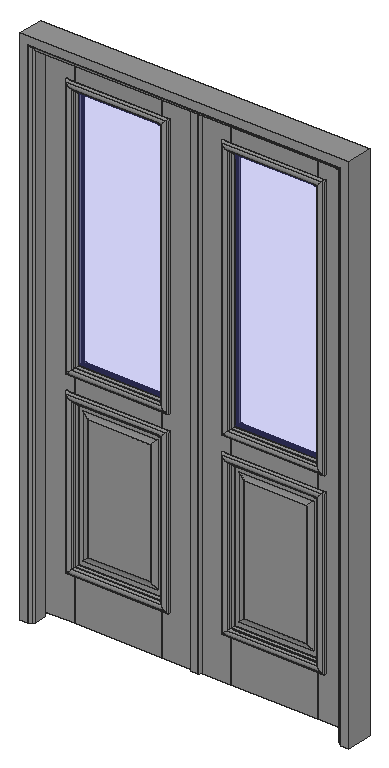
Revit family "I2P 610 GT 2HB", category Doors, host Wall, Revit 2013
Parameters (values of type "I2P 610 GT 2HB")
  Function = Interior
  Frame Projection Ext. = 25 mm
  Frame Projection Int. = 25 mm
  Frame Width = 75 mm
  Height = 2090 mm
  Wall Closure = By host
  Width = 1306 mm
Reference planes
  plane 1: y = 0
  plane 2 "Center (Left/Right)": x = 0
  plane 3 "Left": x = -653
  plane 4 "Right": x = 653
  plane 5: z = 2090
  plane 6 "Exterior": y = 75
  plane 7 "Interior": y = -75
  plane 8: z = 1947
  plane 9: z = 1681.667
Forms (mm)
  Sweep 1, solid, material "Lauan, Meranti"
    path origin (0, 75, 0) x (1, 0, 0) y (0, 0, 1)
      loop
        line (653, 0) -> (653, 2090) -> (-653, 2090) -> (-653, 0)
    profile "Van Acht 105x50 Door Frame Routed Profile (Heavy) : Van Acht 105x50 Door Frame Routed Profile (Heavy)" origin (653, 75, 1045) x (-1, 0, 0) y (0, -1, 0)
      loop
        line (0, 22.5) -> (38, 22.5) -> (38, 67.5) -> (50, 67.5) -> (50, 112.5)
        arc (50, 112.5) -> (44.957, 114.29) -> (42.17, 118.859) r 8
        line (42.17, 118.859) -> (39, 118.859)
        arc (39, 118.859) -> (35.311, 122.973) -> (30, 124.5) r 10
        line (30, 124.5) -> (30, 127.5) -> (0, 127.5) -> (0, 22.5)
  Extrusion 2, solid, material "Lauan, Meranti"
    sketch origin (0, 0, 0) x (1, 0, 0) y (0, 1, 0)
      loop
        line (-12, -2.5) -> (12, -2.5) -> (12, -0.5)
        arc (12, -0.5) -> (17.657, 1.843) -> (20, 7.5) r 8
        line (20, 7.5) -> (5, 7.5) -> (5, 39.5)
        spline (5, 39.5) -> (4.83, 42.088) -> (4.33, 44.5) -> (3.536, 46.571) -> (2.5, 48.16) -> (1.294, 49.159) -> (0, 49.5) -> (-1.294, 49.159) -> (-2.5, 48.16) -> (-3.536, 46.571) -> (-4.33, 44.5) -> (-4.83, 42.088) -> (-5, 39.5)
        line (-5, 39.5) -> (-5, 7.5) -> (-20, 7.5)
        arc (-20, 7.5) -> (-17.657, 1.843) -> (-12, -0.5) r 8
        line (-12, -0.5) -> (-12, -2.5)
    from 20 to 2040
  Extrusion 3, solid, material "Lauan, Meranti"
    sketch origin (0, 0, 1802) x (1, 0, 0) y (0, 1, 0)
      loop
        spline (5, 39.5) -> (4.83, 42.088) -> (4.33, 44.5) -> (3.536, 46.571) -> (2.5, 48.16) -> (1.294, 49.159) -> (0, 49.5) -> (-1.294, 49.159) -> (-2.5, 48.16) -> (-3.536, 46.571) -> (-4.33, 44.5) -> (-4.83, 42.088) -> (-5, 39.5)
        line (-5, 39.5) -> (-5, 7.5) -> (5, 7.5) -> (5, 39.5)
    from 238 to 250
  Extrusion 4, solid, material "Lauan, Meranti"
    sketch origin (208.5, 140, 0) x (0, -1, 0) y (0, 0, -1)
      loop
        line (132.5, -20) -> (92.5, -20) -> (92.5, -221) -> (94.5, -221)
        arc (94.5, -221) -> (96.134, -225.67) -> (100.5, -228) r 6.807
        line (100.5, -228) -> (100.5, -230) -> (102.5, -230) -> (102.5, -215) -> (122.5, -215) -> (122.5, -230) -> (124.5, -230) -> (124.5, -228)
        arc (124.5, -228) -> (128.866, -225.67) -> (130.5, -221) r 6.807
        line (130.5, -221) -> (132.5, -221) -> (132.5, -20)
      loop
        line (132.5, -809) -> (130.5, -809)
        arc (130.5, -809) -> (128.866, -804.33) -> (124.5, -802) r 6.807
        line (124.5, -802) -> (124.5, -800) -> (122.5, -800) -> (122.5, -815) -> (102.5, -815) -> (102.5, -800) -> (100.5, -800) -> (100.5, -802)
        arc (100.5, -802) -> (96.134, -804.33) -> (94.5, -809) r 6.807
        line (94.5, -809) -> (92.5, -809) -> (92.5, -931) -> (122.5, -931) -> (122.5, -940) -> (124.5, -940) -> (124.5, -938)
        arc (124.5, -938) -> (128.866, -935.67) -> (130.5, -931) r 6.807
        line (130.5, -931) -> (132.5, -931) -> (132.5, -809)
      loop
        arc (130.5, -1921) -> (128.866, -1916.33) -> (124.5, -1914) r 6.807
        line (124.5, -1914) -> (124.5, -1912) -> (122.5, -1912) -> (122.5, -1921) -> (92.5, -1921) -> (92.5, -2052) -> (132.5, -2052) -> (132.5, -1921) -> (130.5, -1921)
    from -72.5 to 275.5
  Extrusion 5, solid, material "Lauan, Meranti"
    sketch origin (208.5, 55, 0) x (1, 0, 0) y (0, 1, 0)
      loop
        line (-203.5, -47.5) -> (-72.5, -47.5) -> (-72.5, -45.5)
        arc (-72.5, -45.5) -> (-67.765, -43.94) -> (-65.5, -39.5) r 6.549
        line (-65.5, -39.5) -> (-63.5, -39.5) -> (-63.5, -37.5) -> (-78.5, -37.5) -> (-78.5, -17.5) -> (-63.5, -17.5) -> (-63.5, -15.5) -> (-65.5, -15.5)
        arc (-65.5, -15.5) -> (-67.765, -11.06) -> (-72.5, -9.5) r 6.549
        line (-72.5, -9.5) -> (-72.5, -7.5) -> (-203.5, -7.5) -> (-203.5, -47.5)
      loop
        line (406.5, -47.5) -> (406.5, -7.5) -> (275.5, -7.5) -> (275.5, -9.5)
        arc (275.5, -9.5) -> (270.765, -11.06) -> (268.5, -15.5) r 6.549
        line (268.5, -15.5) -> (266.5, -15.5) -> (266.5, -17.5) -> (281.5, -17.5) -> (281.5, -37.5) -> (266.5, -37.5) -> (266.5, -39.5) -> (268.5, -39.5)
        arc (268.5, -39.5) -> (270.765, -43.94) -> (275.5, -45.5) r 6.549
        line (275.5, -45.5) -> (275.5, -47.5) -> (406.5, -47.5)
    from 20 to 931
  Sweep 6, solid, material "Lauan, Meranti"
    path origin (208.5, -20, 0) x (1, 0, 0) y (0, 0, -1)
      loop
        line (275.5, -809) -> (275.5, -221) -> (-72.5, -221) -> (-72.5, -809) -> (275.5, -809)
    profile origin (310, -20, 809) x (0, 0, 1) y (0, 1, 0)
      loop
        line (4.5, 57.5) -> (-25.727, 57.5)
        arc (-25.727, 57.5) -> (-37.468, 59.153) -> (-48.5, 63.5) r 50.456
        line (-48.5, 63.5) -> (-48.5, 31.5)
        arc (-48.5, 31.5) -> (-37.468, 35.847) -> (-25.727, 37.5) r 50.456
        line (-25.727, 37.5) -> (4.5, 37.5) -> (4.5, 57.5)
  Extrusion 7, solid, material "Lauan, Meranti"
    sketch origin (208.5, -20, 0) x (1, 0, 0) y (0, 0, -1)
      loop
        line (227, -760.5) -> (227, -269.5) -> (-24, -269.5) -> (-24, -760.5) -> (227, -760.5)
    from 31.5 to 63.5
  Extrusion 8, solid, material "Lauan, Meranti"
    sketch origin (208.5, 55, 0) x (1, 0, 0) y (0, 1, 0)
      loop
        line (-203.5, -47.5) -> (-72.5, -47.5) -> (-72.5, -45.5)
        arc (-72.5, -45.5) -> (-67.765, -43.94) -> (-65.5, -39.5) r 6.549
        line (-65.5, -39.5) -> (-63.5, -39.5) -> (-63.5, -37.5) -> (-72.5, -37.5) -> (-72.5, -7.5) -> (-203.5, -7.5) -> (-203.5, -47.5)
      loop
        line (406.5, -47.5) -> (406.5, -7.5) -> (275.5, -7.5) -> (275.5, -37.5) -> (266.5, -37.5) -> (266.5, -39.5) -> (268.5, -39.5)
        arc (268.5, -39.5) -> (270.765, -43.94) -> (275.5, -45.5) r 6.549
        line (275.5, -45.5) -> (275.5, -47.5) -> (406.5, -47.5)
    from 931 to 2052
  Extrusion 9, solid, material "Glass"
    sketch origin (208.5, 130, 0) x (1, 0, 0) y (0, 0, -1)
      loop
        line (-72.5, -1921) -> (275.5, -1921) -> (275.5, -931) -> (-72.5, -931) -> (-72.5, -1921)
    from -112.5 to -106.1
  Sweep 10, solid, material "Lauan, Meranti"
    path origin (208.5, 130, 0) x (1, 0, 0) y (0, 0, -1)
      loop
        line (-72.5, -1921) -> (275.5, -1921) -> (275.5, -931) -> (-72.5, -931) -> (-72.5, -1921)
    profile origin (310, 130, 1921) x (0, 0, -1) y (0, 1, 0)
      loop
        line (9, -106.1) -> (9, -104.1) -> (7, -104.1)
        arc (7, -104.1) -> (4.67, -99.734) -> (0, -98.1) r 6.807
        line (0, -98.1) -> (0, -106.1) -> (9, -106.1)
  Extrusion 11, solid, material "Lauan, Meranti"
    sketch origin (-411.5, 140, 0) x (0, -1, 0) y (0, 0, -1)
      loop
        line (132.5, -20) -> (92.5, -20) -> (92.5, -221) -> (94.5, -221)
        arc (94.5, -221) -> (96.134, -225.67) -> (100.5, -228) r 6.807
        line (100.5, -228) -> (100.5, -230) -> (102.5, -230) -> (102.5, -215) -> (122.5, -215) -> (122.5, -230) -> (124.5, -230) -> (124.5, -228)
        arc (124.5, -228) -> (128.866, -225.67) -> (130.5, -221) r 6.807
        line (130.5, -221) -> (132.5, -221) -> (132.5, -20)
      loop
        line (132.5, -809) -> (130.5, -809)
        arc (130.5, -809) -> (128.866, -804.33) -> (124.5, -802) r 6.807
        line (124.5, -802) -> (124.5, -800) -> (122.5, -800) -> (122.5, -815) -> (102.5, -815) -> (102.5, -800) -> (100.5, -800) -> (100.5, -802)
        arc (100.5, -802) -> (96.134, -804.33) -> (94.5, -809) r 6.807
        line (94.5, -809) -> (92.5, -809) -> (92.5, -931) -> (122.5, -931) -> (122.5, -940) -> (124.5, -940) -> (124.5, -938)
        arc (124.5, -938) -> (128.866, -935.67) -> (130.5, -931) r 6.807
        line (130.5, -931) -> (132.5, -931) -> (132.5, -809)
      loop
        arc (130.5, -1921) -> (128.866, -1916.33) -> (124.5, -1914) r 6.807
        line (124.5, -1914) -> (124.5, -1912) -> (122.5, -1912) -> (122.5, -1921) -> (92.5, -1921) -> (92.5, -2052) -> (132.5, -2052) -> (132.5, -1921) -> (130.5, -1921)
    from -72.5 to 275.5
  Extrusion 12, solid, material "Lauan, Meranti"
    sketch origin (-411.5, 55, 0) x (1, 0, 0) y (0, 1, 0)
      loop
        line (-203.5, -47.5) -> (-72.5, -47.5) -> (-72.5, -45.5)
        arc (-72.5, -45.5) -> (-67.765, -43.94) -> (-65.5, -39.5) r 6.549
        line (-65.5, -39.5) -> (-63.5, -39.5) -> (-63.5, -37.5) -> (-78.5, -37.5) -> (-78.5, -17.5) -> (-63.5, -17.5) -> (-63.5, -15.5) -> (-65.5, -15.5)
        arc (-65.5, -15.5) -> (-67.765, -11.06) -> (-72.5, -9.5) r 6.549
        line (-72.5, -9.5) -> (-72.5, -7.5) -> (-203.5, -7.5) -> (-203.5, -47.5)
      loop
        line (406.5, -47.5) -> (406.5, -7.5) -> (275.5, -7.5) -> (275.5, -9.5)
        arc (275.5, -9.5) -> (270.765, -11.06) -> (268.5, -15.5) r 6.549
        line (268.5, -15.5) -> (266.5, -15.5) -> (266.5, -17.5) -> (281.5, -17.5) -> (281.5, -37.5) -> (266.5, -37.5) -> (266.5, -39.5) -> (268.5, -39.5)
        arc (268.5, -39.5) -> (270.765, -43.94) -> (275.5, -45.5) r 6.549
        line (275.5, -45.5) -> (275.5, -47.5) -> (406.5, -47.5)
    from 20 to 931
  Sweep 13, solid, material "Lauan, Meranti"
    path origin (-411.5, -20, 0) x (1, 0, 0) y (0, 0, -1)
      loop
        line (275.5, -809) -> (275.5, -221) -> (-72.5, -221) -> (-72.5, -809) -> (275.5, -809)
    profile origin (-310, -20, 809) x (0, 0, 1) y (0, 1, 0)
      loop
        line (4.5, 57.5) -> (-25.727, 57.5)
        arc (-25.727, 57.5) -> (-37.468, 59.153) -> (-48.5, 63.5) r 50.456
        line (-48.5, 63.5) -> (-48.5, 31.5)
        arc (-48.5, 31.5) -> (-37.468, 35.847) -> (-25.727, 37.5) r 50.456
        line (-25.727, 37.5) -> (4.5, 37.5) -> (4.5, 57.5)
  Extrusion 14, solid, material "Lauan, Meranti"
    sketch origin (-411.5, -20, 0) x (1, 0, 0) y (0, 0, -1)
      loop
        line (227, -760.5) -> (227, -269.5) -> (-24, -269.5) -> (-24, -760.5) -> (227, -760.5)
    from 31.5 to 63.5
  Extrusion 15, solid, material "Lauan, Meranti"
    sketch origin (-411.5, 55, 0) x (1, 0, 0) y (0, 1, 0)
      loop
        line (-203.5, -47.5) -> (-72.5, -47.5) -> (-72.5, -45.5)
        arc (-72.5, -45.5) -> (-67.765, -43.94) -> (-65.5, -39.5) r 6.549
        line (-65.5, -39.5) -> (-63.5, -39.5) -> (-63.5, -37.5) -> (-72.5, -37.5) -> (-72.5, -7.5) -> (-203.5, -7.5) -> (-203.5, -47.5)
      loop
        line (406.5, -47.5) -> (406.5, -7.5) -> (275.5, -7.5) -> (275.5, -37.5) -> (266.5, -37.5) -> (266.5, -39.5) -> (268.5, -39.5)
        arc (268.5, -39.5) -> (270.765, -43.94) -> (275.5, -45.5) r 6.549
        line (275.5, -45.5) -> (275.5, -47.5) -> (406.5, -47.5)
    from 931 to 2052
  Extrusion 16, solid, material "Glass"
    sketch origin (-411.5, 130, 0) x (1, 0, 0) y (0, 0, -1)
      loop
        line (-72.5, -1921) -> (275.5, -1921) -> (275.5, -931) -> (-72.5, -931) -> (-72.5, -1921)
    from -112.5 to -106.1
  Sweep 17, solid, material "Lauan, Meranti"
    path origin (-411.5, 130, 0) x (1, 0, 0) y (0, 0, -1)
      loop
        line (-72.5, -1921) -> (275.5, -1921) -> (275.5, -931) -> (-72.5, -931) -> (-72.5, -1921)
    profile origin (-310, 130, 1921) x (0, 0, -1) y (0, 1, 0)
      loop
        line (9, -106.1) -> (9, -104.1) -> (7, -104.1)
        arc (7, -104.1) -> (4.67, -99.734) -> (0, -98.1) r 6.807
        line (0, -98.1) -> (0, -106.1) -> (9, -106.1)
  Sweep 18, solid, material "Lauan, Meranti"
    path origin (270.209, -20, -1299.051) x (1, 0, 0) y (0, 0, -1)
      loop
        line (213.791, -2108.051) -> (213.791, -1520.051) -> (-134.209, -1520.051) -> (-134.209, -2108.051) -> (213.791, -2108.051)
    profile origin (310, -20, 809) x (0, 0, 1) y (0, 1, 0)
      loop
        line (31, 24) -> (31, 27.5) -> (0, 27.5) -> (0, 24)
        arc (0, 24) -> (1.904, 19.404) -> (6.5, 17.5) r 6.5
        arc (6.5, 17.5) -> (15.5, 13.5) -> (24.5, 17.5) r 12.125
        arc (24.5, 17.5) -> (29.096, 19.404) -> (31, 24) r 6.5
  Sweep 19, solid, material "Lauan, Meranti"
    path origin (-349.791, -20, -1299.051) x (1, 0, 0) y (0, 0, -1)
      loop
        line (213.791, -2108.051) -> (213.791, -1520.051) -> (-134.209, -1520.051) -> (-134.209, -2108.051) -> (213.791, -2108.051)
    profile origin (-310, -20, 809) x (0, 0, 1) y (0, 1, 0)
      loop
        line (31, 24) -> (31, 27.5) -> (0, 27.5) -> (0, 24)
        arc (0, 24) -> (1.904, 19.404) -> (6.5, 17.5) r 6.5
        arc (6.5, 17.5) -> (15.5, 13.5) -> (24.5, 17.5) r 12.125
        arc (24.5, 17.5) -> (29.096, 19.404) -> (31, 24) r 6.5
  Sweep 20, solid, material "Lauan, Meranti"
    path origin (270.209, 75, -1299.051) x (1, 0, 0) y (0, 0, 1)
      loop
        line (213.791, 2108.051) -> (-134.209, 2108.051) -> (-134.209, 1520.051) -> (213.791, 1520.051) -> (213.791, 2108.051)
    profile origin (310, 75, 809) x (0, 0, -1) y (0, -1, 0)
      loop
        arc (-31, 24) -> (-29.096, 19.404) -> (-24.5, 17.5) r 6.5
        arc (-24.5, 17.5) -> (-15.5, 13.5) -> (-6.5, 17.5) r 12.125
        arc (-6.5, 17.5) -> (-1.904, 19.404) -> (0, 24) r 6.5
        line (0, 24) -> (0, 27.5) -> (-31, 27.5) -> (-31, 24)
  Sweep 21, solid, material "Lauan, Meranti"
    path origin (-349.791, 75, -1299.051) x (1, 0, 0) y (0, 0, 1)
      loop
        line (213.791, 2108.051) -> (-134.209, 2108.051) -> (-134.209, 1520.051) -> (213.791, 1520.051) -> (213.791, 2108.051)
    profile origin (-310, 75, 809) x (0, 0, -1) y (0, -1, 0)
      loop
        arc (-31, 24) -> (-29.096, 19.404) -> (-24.5, 17.5) r 6.5
        arc (-24.5, 17.5) -> (-15.5, 13.5) -> (-6.5, 17.5) r 12.125
        arc (-6.5, 17.5) -> (-1.904, 19.404) -> (0, 24) r 6.5
        line (0, 24) -> (0, 27.5) -> (-31, 27.5) -> (-31, 24)
  Sweep 22, solid, material "Lauan, Meranti"
    path origin (270.209, 75, -589.051) x (1, 0, 0) y (0, 0, 1)
      loop
        line (213.791, 2510.051) -> (-134.209, 2510.051) -> (-134.209, 1520.051) -> (213.791, 1520.051) -> (213.791, 2510.051)
    profile origin (310, 75, 1921) x (0, 0, -1) y (0, -1, 0)
      loop
        arc (-31, 24) -> (-29.096, 19.404) -> (-24.5, 17.5) r 6.5
        arc (-24.5, 17.5) -> (-15.5, 13.5) -> (-6.5, 17.5) r 12.125
        arc (-6.5, 17.5) -> (-1.904, 19.404) -> (0, 24) r 6.5
        line (0, 24) -> (0, 27.5) -> (-31, 27.5) -> (-31, 24)
  Sweep 23, solid, material "Lauan, Meranti"
    path origin (-349.791, 75, -589.051) x (1, 0, 0) y (0, 0, 1)
      loop
        line (213.791, 2510.051) -> (-134.209, 2510.051) -> (-134.209, 1520.051) -> (213.791, 1520.051) -> (213.791, 2510.051)
    profile origin (-310, 75, 1921) x (0, 0, -1) y (0, -1, 0)
      loop
        arc (-31, 24) -> (-29.096, 19.404) -> (-24.5, 17.5) r 6.5
        arc (-24.5, 17.5) -> (-15.5, 13.5) -> (-6.5, 17.5) r 12.125
        arc (-6.5, 17.5) -> (-1.904, 19.404) -> (0, 24) r 6.5
        line (0, 24) -> (0, 27.5) -> (-31, 27.5) -> (-31, 24)
  Sweep 24, solid, material "Lauan, Meranti"
    path origin (270.209, -20, -589.051) x (1, 0, 0) y (0, 0, -1)
      loop
        line (213.791, -2510.051) -> (213.791, -1520.051) -> (-134.209, -1520.051) -> (-134.209, -2510.051) -> (213.791, -2510.051)
    profile origin (310, -20, 1921) x (0, 0, 1) y (0, 1, 0)
      loop
        line (31, 24) -> (31, 27.5) -> (0, 27.5) -> (0, 24)
        arc (0, 24) -> (1.904, 19.404) -> (6.5, 17.5) r 6.5
        arc (6.5, 17.5) -> (15.5, 13.5) -> (24.5, 17.5) r 12.125
        arc (24.5, 17.5) -> (29.096, 19.404) -> (31, 24) r 6.5
  Sweep 25, solid, material "Lauan, Meranti"
    path origin (-349.791, -20, -589.051) x (1, 0, 0) y (0, 0, -1)
      loop
        line (213.791, -2510.051) -> (213.791, -1520.051) -> (-134.209, -1520.051) -> (-134.209, -2510.051) -> (213.791, -2510.051)
    profile origin (-310, -20, 1921) x (0, 0, 1) y (0, 1, 0)
      loop
        line (31, 24) -> (31, 27.5) -> (0, 27.5) -> (0, 24)
        arc (0, 24) -> (1.904, 19.404) -> (6.5, 17.5) r 6.5
        arc (6.5, 17.5) -> (15.5, 13.5) -> (24.5, 17.5) r 12.125
        arc (24.5, 17.5) -> (29.096, 19.404) -> (31, 24) r 6.5
Cuts and joins
  joined: Extrusion 2, Extrusion 3
  joined: Extrusion 5, Extrusion 8
  joined: Extrusion 12, Extrusion 15
Lines and regions (mm)
  Opening 1
    outline origin (-3050, -75, 0) x (1, 0, 0) y (0, 0, 1)
      loop
        line (2397, 0) -> (3703, 0) -> (3703, 2090) -> (2397, 2090) -> (2397, 0)
  symbolic lines, style "Elevation Swing"
    curve 1: line (0, -75, 1045) -> (-653, -75, 2090)
    curve 2: line (0, -75, 1045) -> (-653, -75, 0)
    curve 3: line (0, -75, 1045) -> (653, -75, 2090)
    curve 4: line (0, -75, 1045) -> (653, -75, 0)
  model lines
    curve 5: line (-615, 47.5, 0) -> (-615, 657.5, 0)
    curve 6: arc (-615, 657.5, 0) -> (-183.665, 478.835, 0) -> (-5, 47.5, 0) r 610
    curve 7: arc (615, 657.5, 0) -> (183.665, 478.835, 0) -> (5, 47.5, 0) r 610
    curve 8: line (615, 657.5, 0) -> (615, 47.5, 0)
Text (mm)
  text "Exterior" at (-2295.016, 1099.543, 0), in view "Ref. Level"
  text "Exterior" at (0, 1615.38, 3698.081), in view "Left"
  text "Exterior" at (0, 1036.032, 3874.932), in view "Right"
Dimensions and locks
  equal spacing: plane 3 "Left", plane 2 "Center (Left/Right)", plane 4 "Right"
  "Width": plane 3 "Left" to plane 4 "Right"
  "Height": plane 5 to host wall
  equal spacing: host wall, curve 2, plane 5
  host wall to plane 5 = 2090 mm
  locked: plane 6 "Exterior" to host wall at 0
  locked: plane 7 "Interior" to host wall
  plane 3 "Left" to plane 4 "Right" = 1306 mm  (x2)
  cut or joined group of Extrusion 5, Extrusion 8 to Sweep 1 = 610 mm
  cut or joined group of Extrusion 12, Extrusion 15 to Sweep 1 = 610 mm
  aligned and locked: plane 3 "Left" to Opening 1 sketch curve
  aligned and locked: plane 5 to Opening 1 sketch curve  (x2)
  aligned and locked: Opening 1 sketch curve to plane 4 "Right"
  aligned and locked: Opening 1 sketch curve to level
  aligned and locked: plane 5 to curve 1
  aligned and locked: plane 3 "Left" to curve 2
  aligned and locked: plane 1 to host wall
  aligned and locked: plane 3 "Left" to curve 1
Automatic sketch dimensions
  curve 2 to plane 2 "Center (Left/Right)" = 0 mm
  curve 2 to level = 0 mm
  plane 3 "Left" to Sweep 1 sketch curve = 0 mm
  plane 4 "Right" to Sweep 1 sketch curve = 0 mm
  Sweep 1 sketch curve to plane 5 = 0 mm
  Sweep 1 sketch curve to level = 0 mm  (x2)
  curve 4 to plane 2 "Center (Left/Right)" = 0 mm
  curve 4 to plane 9 = 636.667 mm
  curve 4 to level = 0 mm
  plane 4 "Right" to curve 4 = 0 mm
  plane 4 "Right" to curve 3 = 0 mm
  curve 3 to plane 5 = 0 mm
  curve 5 to plane 3 "Left" = 38 mm
  host wall to curve 5 = 582.5 mm
  plane 4 "Right" to curve 8 = 38 mm
  curve 6 to plane 2 "Center (Left/Right)" = 5 mm
  plane 2 "Center (Left/Right)" to curve 7 = 5 mm
  host wall to curve 8 = 582.5 mm
  curve 5 to curve 6 = 0 mm
  curve 8 to curve 7 = 0 mm
  Extrusion 2 sketch curve to host wall = 7.5 mm
  Extrusion 2 sketch curve to plane 2 "Center (Left/Right)" = 20 mm
  host wall to Extrusion 2 sketch curve = 2.5 mm
  Extrusion 2 sketch curve to plane 2 "Center (Left/Right)" = 0 mm
  host wall to Extrusion 2 sketch curve = 0.5 mm  (x2)
  Extrusion 2 sketch curve to Extrusion 2 sketch curve = 5 mm
  plane 2 "Center (Left/Right)" to Extrusion 2 sketch curve = 12 mm
  Extrusion 2 sketch curve to Extrusion 2 sketch curve = 8 mm
  Extrusion 2 sketch curve to Extrusion 2 sketch curve = 32 mm
  Extrusion 3 sketch curve to plane 2 "Center (Left/Right)" = 5 mm
  Extrusion 3 sketch curve to host wall = 7.5 mm
  Extrusion 3 sketch curve to plane 2 "Center (Left/Right)" = 0 mm
  Extrusion 3 sketch curve to Extrusion 3 sketch curve = 32 mm
  Extrusion 4 sketch curve to host wall = 27.5 mm  (x3)
  Extrusion 4 sketch curve to host wall = 7.5 mm
  plane 5 to Extrusion 4 sketch curve = 38 mm
  Extrusion 4 sketch curve to Extrusion 4 sketch curve = 2 mm  (x17)
  Extrusion 4 sketch curve to Extrusion 4 sketch curve = 6 mm  (x6)
  Extrusion 4 sketch curve to Extrusion 4 sketch curve = 10 mm
  Extrusion 4 sketch curve to host wall = 17.5 mm  (x3)
  Extrusion 4 sketch curve to Extrusion 4 sketch curve = 8 mm
  Extrusion 4 sketch curve to Extrusion 4 sketch curve = 1.197 mm  (x6)
  Extrusion 4 sketch curve to plane 8 = 26 mm
  Extrusion 4 sketch curve to Extrusion 4 sketch curve = 0 mm  (x3)
  Extrusion 4 sketch curve to Extrusion 4 sketch curve = 7 mm  (x6)
  Extrusion 4 sketch curve to plane 9 = 741.667 mm
  Extrusion 4 sketch curve to Extrusion 4 sketch curve = 116 mm
  level to Extrusion 4 sketch curve = 230 mm
  Extrusion 4 sketch curve to Extrusion 4 sketch curve = 6.241 mm
  level to Extrusion 4 sketch curve = 20 mm
  plane 2 "Center (Left/Right)" to Extrusion 5 sketch curve = 5 mm
  Extrusion 5 sketch curve to host wall = 7.5 mm  (x2)
  Extrusion 5 sketch curve to host wall = 17.5 mm  (x2)
  Extrusion 5 sketch curve to Extrusion 5 sketch curve = 125 mm
  Extrusion 5 sketch curve to Extrusion 5 sketch curve = 6 mm  (x5)
  Extrusion 5 sketch curve to Extrusion 5 sketch curve = 7 mm  (x4)
  Extrusion 5 sketch curve to Extrusion 5 sketch curve = 2 mm  (x12)
  plane 4 "Right" to Extrusion 5 sketch curve = 178 mm
  Extrusion 5 sketch curve to Extrusion 5 sketch curve = 0 mm
  plane 4 "Right" to Extrusion 5 sketch curve = 38 mm
  Extrusion 5 sketch curve to Extrusion 5 sketch curve = 6.527 mm  (x4)
  Extrusion 5 sketch curve to Extrusion 5 sketch curve = 20 mm  (x2)
  plane 2 "Center (Left/Right)" to Sweep 6 sketch curve = 136 mm
  level to Sweep 6 sketch curve = 809 mm
  plane 4 "Right" to Sweep 6 sketch curve = 169 mm
  level to Sweep 6 sketch curve = 221 mm
  profile plane to Sweep 6 sketch curve = 48.5 mm
  profile plane to Sweep 6 sketch curve = 31.5 mm
  Sweep 6 sketch curve to Sweep 6 sketch curve = 22.773 mm
  Sweep 6 sketch curve to Sweep 6 sketch curve = 0 mm
  Sweep 6 sketch curve to profile plane = 4.5 mm
  profile plane to Sweep 6 sketch curve = 24.613 mm  (x2)
  profile plane to Sweep 6 sketch curve = 37.5 mm
  Sweep 6 sketch curve to Sweep 6 sketch curve = 20 mm
  Sweep 6 sketch curve to Sweep 6 sketch curve = 6 mm
  plane 2 "Center (Left/Right)" to Extrusion 7 sketch curve = 184.5 mm
  level to Extrusion 7 sketch curve = 760.5 mm
  plane 4 "Right" to Extrusion 7 sketch curve = 217.5 mm
  level to Extrusion 7 sketch curve = 269.5 mm
  plane 2 "Center (Left/Right)" to Extrusion 8 sketch curve = 5 mm
  Extrusion 8 sketch curve to host wall = 7.5 mm  (x2)
  Extrusion 8 sketch curve to host wall = 17.5 mm  (x2)
  Extrusion 8 sketch curve to Extrusion 8 sketch curve = 131 mm
  Extrusion 8 sketch curve to Extrusion 8 sketch curve = 0 mm
  Extrusion 8 sketch curve to Extrusion 8 sketch curve = 7 mm  (x2)
  Extrusion 8 sketch curve to Extrusion 8 sketch curve = 2 mm  (x6)
  plane 4 "Right" to Extrusion 8 sketch curve = 178 mm
  Extrusion 8 sketch curve to Extrusion 8 sketch curve = 9 mm
  plane 4 "Right" to Extrusion 8 sketch curve = 38 mm
  Extrusion 8 sketch curve to Extrusion 8 sketch curve = 0.473 mm  (x2)
  Extrusion 8 sketch curve to host wall = 27.5 mm  (x2)
  plane 2 "Center (Left/Right)" to Extrusion 9 sketch curve = 136 mm
  Extrusion 9 sketch curve to plane 8 = 26 mm
  plane 4 "Right" to Extrusion 9 sketch curve = 169 mm
  Extrusion 9 sketch curve to plane 9 = 750.667 mm
  plane 2 "Center (Left/Right)" to Sweep 10 sketch curve = 136 mm
  Sweep 10 sketch curve to plane 8 = 26 mm
  plane 4 "Right" to Sweep 10 sketch curve = 169 mm
  Sweep 10 sketch curve to plane 9 = 750.667 mm
  Sweep 10 sketch curve to profile plane = 0 mm
  Sweep 10 sketch curve to profile plane = 9 mm
  Sweep 10 sketch curve to profile plane = 106.1 mm
  Sweep 10 sketch curve to Sweep 10 sketch curve = 2 mm  (x2)
  Sweep 10 sketch curve to profile plane = 0.241 mm
  Sweep 10 sketch curve to Sweep 10 sketch curve = 8 mm
  Extrusion 11 sketch curve to host wall = 27.5 mm  (x3)
  Extrusion 11 sketch curve to host wall = 7.5 mm
  plane 5 to Extrusion 11 sketch curve = 38 mm
  Extrusion 11 sketch curve to Extrusion 11 sketch curve = 2 mm  (x17)
  Extrusion 11 sketch curve to Extrusion 11 sketch curve = 6 mm  (x6)
  Extrusion 11 sketch curve to Extrusion 11 sketch curve = 10 mm
  Extrusion 11 sketch curve to host wall = 17.5 mm  (x3)
  Extrusion 11 sketch curve to Extrusion 11 sketch curve = 8 mm
  Extrusion 11 sketch curve to Extrusion 11 sketch curve = 1.197 mm  (x6)
  Extrusion 11 sketch curve to plane 8 = 26 mm
  Extrusion 11 sketch curve to Extrusion 11 sketch curve = 0 mm  (x3)
  Extrusion 11 sketch curve to Extrusion 11 sketch curve = 7 mm  (x6)
  Extrusion 11 sketch curve to plane 9 = 741.667 mm
  Extrusion 11 sketch curve to Extrusion 11 sketch curve = 116 mm
  level to Extrusion 11 sketch curve = 230 mm
  Extrusion 11 sketch curve to Extrusion 11 sketch curve = 6.241 mm
  level to Extrusion 11 sketch curve = 20 mm
  Extrusion 12 sketch curve to plane 3 "Left" = 38 mm
  Extrusion 12 sketch curve to host wall = 7.5 mm  (x2)
  Extrusion 12 sketch curve to host wall = 17.5 mm  (x2)
  Extrusion 12 sketch curve to Extrusion 12 sketch curve = 125 mm
  Extrusion 12 sketch curve to Extrusion 12 sketch curve = 6 mm  (x5)
  Extrusion 12 sketch curve to Extrusion 12 sketch curve = 7 mm  (x4)
  Extrusion 12 sketch curve to Extrusion 12 sketch curve = 2 mm  (x12)
  Extrusion 12 sketch curve to plane 2 "Center (Left/Right)" = 145 mm
  Extrusion 12 sketch curve to Extrusion 12 sketch curve = 0 mm
  Extrusion 12 sketch curve to plane 2 "Center (Left/Right)" = 5 mm
  Extrusion 12 sketch curve to Extrusion 12 sketch curve = 6.527 mm  (x4)
  Extrusion 12 sketch curve to Extrusion 12 sketch curve = 20 mm  (x2)
  Sweep 13 sketch curve to plane 3 "Left" = 169 mm
  level to Sweep 13 sketch curve = 809 mm
  Sweep 13 sketch curve to plane 2 "Center (Left/Right)" = 136 mm
  level to Sweep 13 sketch curve = 221 mm
  profile plane to Sweep 13 sketch curve = 48.5 mm
  profile plane to Sweep 13 sketch curve = 31.5 mm
  Sweep 13 sketch curve to Sweep 13 sketch curve = 22.773 mm
  Sweep 13 sketch curve to Sweep 13 sketch curve = 0 mm
  Sweep 13 sketch curve to profile plane = 4.5 mm
  profile plane to Sweep 13 sketch curve = 24.613 mm  (x2)
  profile plane to Sweep 13 sketch curve = 37.5 mm
  Sweep 13 sketch curve to Sweep 13 sketch curve = 20 mm
  Sweep 13 sketch curve to Sweep 13 sketch curve = 6 mm
  Extrusion 14 sketch curve to plane 3 "Left" = 217.5 mm
  level to Extrusion 14 sketch curve = 760.5 mm
  Extrusion 14 sketch curve to plane 2 "Center (Left/Right)" = 184.5 mm
  level to Extrusion 14 sketch curve = 269.5 mm
  Extrusion 15 sketch curve to plane 3 "Left" = 38 mm
  Extrusion 15 sketch curve to host wall = 7.5 mm  (x2)
  Extrusion 15 sketch curve to host wall = 17.5 mm  (x2)
  Extrusion 15 sketch curve to Extrusion 15 sketch curve = 131 mm
  Extrusion 15 sketch curve to Extrusion 15 sketch curve = 0 mm
  Extrusion 15 sketch curve to Extrusion 15 sketch curve = 7 mm  (x2)
  Extrusion 15 sketch curve to Extrusion 15 sketch curve = 2 mm  (x6)
  Extrusion 15 sketch curve to plane 2 "Center (Left/Right)" = 145 mm
  Extrusion 15 sketch curve to Extrusion 15 sketch curve = 9 mm
  Extrusion 15 sketch curve to plane 2 "Center (Left/Right)" = 5 mm
  Extrusion 15 sketch curve to Extrusion 15 sketch curve = 0.473 mm  (x2)
  Extrusion 15 sketch curve to host wall = 27.5 mm  (x2)
  Extrusion 16 sketch curve to plane 3 "Left" = 169 mm
  Extrusion 16 sketch curve to plane 8 = 26 mm
  Extrusion 16 sketch curve to plane 2 "Center (Left/Right)" = 136 mm
  Extrusion 16 sketch curve to plane 9 = 750.667 mm
  Sweep 17 sketch curve to plane 3 "Left" = 169 mm
  Sweep 17 sketch curve to plane 8 = 26 mm
  Sweep 17 sketch curve to plane 2 "Center (Left/Right)" = 136 mm
  Sweep 17 sketch curve to plane 9 = 750.667 mm
  Sweep 17 sketch curve to profile plane = 0 mm
  Sweep 17 sketch curve to profile plane = 9 mm
  Sweep 17 sketch curve to profile plane = 106.1 mm
  Sweep 17 sketch curve to Sweep 17 sketch curve = 2 mm  (x2)
  Sweep 17 sketch curve to profile plane = 0.241 mm
  Sweep 17 sketch curve to Sweep 17 sketch curve = 8 mm
  plane 2 "Center (Left/Right)" to Sweep 18 sketch curve = 136 mm
  level to Sweep 18 sketch curve = 809 mm
  plane 4 "Right" to Sweep 18 sketch curve = 169 mm
  level to Sweep 18 sketch curve = 221 mm
  profile plane to Sweep 18 sketch curve = 0 mm
  profile plane to Sweep 18 sketch curve = 24 mm
  Sweep 18 sketch curve to Sweep 18 sketch curve = 31 mm
  Sweep 18 sketch curve to profile plane = 6.5 mm
  Sweep 18 sketch curve to Sweep 18 sketch curve = 9 mm
  Sweep 18 sketch curve to Sweep 18 sketch curve = 6.5 mm
  Sweep 18 sketch curve to Sweep 18 sketch curve = 3.5 mm
  Sweep 18 sketch curve to Sweep 18 sketch curve = 1.625 mm
  Sweep 19 sketch curve to plane 3 "Left" = 169 mm
  level to Sweep 19 sketch curve = 809 mm
  Sweep 19 sketch curve to plane 2 "Center (Left/Right)" = 136 mm
  level to Sweep 19 sketch curve = 221 mm
  profile plane to Sweep 19 sketch curve = 0 mm
  profile plane to Sweep 19 sketch curve = 24 mm
  Sweep 19 sketch curve to profile plane = 31 mm
  Sweep 19 sketch curve to profile plane = 6.5 mm
  Sweep 19 sketch curve to Sweep 19 sketch curve = 9 mm
  Sweep 19 sketch curve to Sweep 19 sketch curve = 6.5 mm
  Sweep 19 sketch curve to Sweep 19 sketch curve = 3.5 mm
  Sweep 19 sketch curve to Sweep 19 sketch curve = 1.625 mm
  plane 2 "Center (Left/Right)" to Sweep 20 sketch curve = 136 mm
  level to Sweep 20 sketch curve = 221 mm
  plane 4 "Right" to Sweep 20 sketch curve = 169 mm
  Sweep 20 sketch curve to Sweep 20 sketch curve = 588 mm
  Sweep 20 sketch curve to profile plane = 0 mm
  profile plane to Sweep 20 sketch curve = 24 mm
  profile plane to Sweep 20 sketch curve = 31 mm
  Sweep 20 sketch curve to Sweep 20 sketch curve = 6.5 mm
  Sweep 20 sketch curve to Sweep 20 sketch curve = 9 mm
  profile plane to Sweep 20 sketch curve = 6.5 mm
  Sweep 20 sketch curve to Sweep 20 sketch curve = 3.5 mm
  Sweep 20 sketch curve to Sweep 20 sketch curve = 1.625 mm
  Sweep 21 sketch curve to plane 3 "Left" = 169 mm
  level to Sweep 21 sketch curve = 221 mm
  Sweep 21 sketch curve to plane 2 "Center (Left/Right)" = 136 mm
  Sweep 21 sketch curve to Sweep 21 sketch curve = 588 mm
  Sweep 21 sketch curve to profile plane = 0 mm
  profile plane to Sweep 21 sketch curve = 24 mm
  profile plane to Sweep 21 sketch curve = 31 mm
  Sweep 21 sketch curve to Sweep 21 sketch curve = 6.5 mm
  Sweep 21 sketch curve to Sweep 21 sketch curve = 9 mm
  profile plane to Sweep 21 sketch curve = 6.5 mm
  Sweep 21 sketch curve to Sweep 21 sketch curve = 3.5 mm
  Sweep 21 sketch curve to Sweep 21 sketch curve = 1.625 mm
  Sweep 22 sketch curve to plane 8 = 26 mm
  plane 2 "Center (Left/Right)" to Sweep 22 sketch curve = 136 mm
  plane 4 "Right" to Sweep 22 sketch curve = 169 mm
  Sweep 22 sketch curve to plane 9 = 750.667 mm
  Sweep 22 sketch curve to profile plane = 0 mm
  profile plane to Sweep 22 sketch curve = 24 mm
  profile plane to Sweep 22 sketch curve = 31 mm
  Sweep 22 sketch curve to Sweep 22 sketch curve = 6.5 mm
  Sweep 22 sketch curve to Sweep 22 sketch curve = 9 mm
  profile plane to Sweep 22 sketch curve = 6.5 mm
  Sweep 22 sketch curve to Sweep 22 sketch curve = 3.5 mm
  Sweep 22 sketch curve to Sweep 22 sketch curve = 1.625 mm
  Sweep 23 sketch curve to plane 8 = 26 mm
  Sweep 23 sketch curve to plane 3 "Left" = 169 mm
  Sweep 23 sketch curve to plane 2 "Center (Left/Right)" = 136 mm
  Sweep 23 sketch curve to plane 9 = 750.667 mm
  Sweep 23 sketch curve to profile plane = 0 mm
  profile plane to Sweep 23 sketch curve = 24 mm
  profile plane to Sweep 23 sketch curve = 31 mm
  Sweep 23 sketch curve to Sweep 23 sketch curve = 6.5 mm
  Sweep 23 sketch curve to Sweep 23 sketch curve = 9 mm
  profile plane to Sweep 23 sketch curve = 6.5 mm
  Sweep 23 sketch curve to Sweep 23 sketch curve = 3.5 mm
  Sweep 23 sketch curve to Sweep 23 sketch curve = 1.625 mm
  Sweep 24 sketch curve to plane 8 = 26 mm
  plane 2 "Center (Left/Right)" to Sweep 24 sketch curve = 136 mm
  plane 4 "Right" to Sweep 24 sketch curve = 169 mm
  Sweep 24 sketch curve to plane 9 = 750.667 mm
  profile plane to Sweep 24 sketch curve = 0 mm
  profile plane to Sweep 24 sketch curve = 24 mm
  Sweep 24 sketch curve to profile plane = 31 mm
  Sweep 24 sketch curve to profile plane = 6.5 mm
  Sweep 24 sketch curve to Sweep 24 sketch curve = 9 mm
  Sweep 24 sketch curve to Sweep 24 sketch curve = 6.5 mm
  Sweep 24 sketch curve to Sweep 24 sketch curve = 3.5 mm
  Sweep 24 sketch curve to Sweep 24 sketch curve = 1.625 mm
  Sweep 25 sketch curve to plane 8 = 26 mm
  Sweep 25 sketch curve to plane 3 "Left" = 169 mm
  Sweep 25 sketch curve to plane 2 "Center (Left/Right)" = 136 mm
  Sweep 25 sketch curve to plane 9 = 750.667 mm
  profile plane to Sweep 25 sketch curve = 0 mm
  profile plane to Sweep 25 sketch curve = 24 mm
  Sweep 25 sketch curve to Sweep 25 sketch curve = 31 mm
  Sweep 25 sketch curve to profile plane = 6.5 mm
  Sweep 25 sketch curve to Sweep 25 sketch curve = 9 mm
  Sweep 25 sketch curve to Sweep 25 sketch curve = 6.5 mm
  Sweep 25 sketch curve to Sweep 25 sketch curve = 3.5 mm
  Sweep 25 sketch curve to Sweep 25 sketch curve = 1.625 mm
